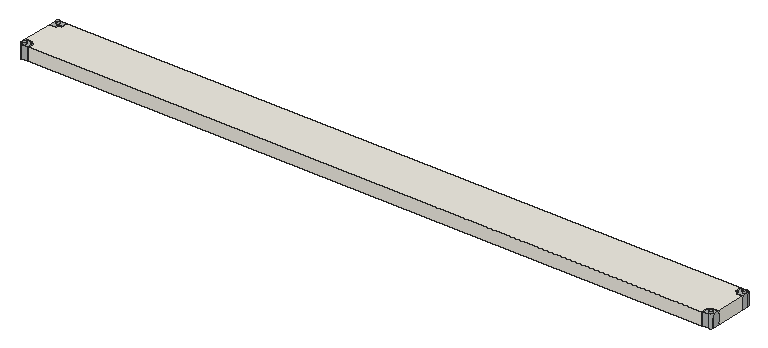
Revit family "HIGHTECH", category Осветительные приборы, Revit 2019 (continued)
Types (32, lengths in mm): name | Файл фотометрической сетки | built-in parameter 1150105 | Lumens | built-in parameter 1150106 | built-in parameter 1150142 | Wattage | Emit from Rectangle Width | Emit from Rectangle Length | Длина | Ширина | ADSK_Ток | ADSK_Полная мощность | ADSK_Обозначение | ADSK_Номинальная мощность | ADSK_Наименование | ADSK_Масса | ADSK_Код изделия
    80 220.519 181.644 \r\n142.474 107.448 74.296 43.216 15.096 0.592 0.592 0.493 0.493 0.493 0.493 0.493 0.493 0.493 0.493 0.395 0.395 0.395 0.395 0.395 0.395 0.395 0.395 0.296 0.296 0.296 0.296 0.296 0.296 0.296 0.296 0.197 \r\n0.197 0.197 0.197 0.197 0.197 0.197 0.197 0.098 0.098 0.098 0.098 0.098 0.098 0.098 0.098 0.000 0.000 0.000 0.000 \r\n1417.637 1417.736 1414.775 1409.743 1402.146 1391.984 1379.355 1363.568 1345.709 1325.482 1303.283 1278.616 1252.272 1224.054 1193.862 1162.091 1128.940 1094.110 \r\n1058.097 1020.801 982.617 943.052 902.994 861.850 820.410 778.082 735.458 692.637 649.027 605.416 561.608 517.504 474.190 430.383 386.772 343.951 301.918 260.775 220.913 181.941 \r\n142.770 107.743 74.592 43.413 15.293 0.592 0.592 0.493 0.493 0.493 0.493 0.493 0.493 0.493 0.493 0.395 0.395 0.395 0.395 0.395 0.395 0.395 0.395 0.296 0.296 0.296 0.296 0.296 0.296 0.296 0.296 0.197 \r\n0.197 0.197 0.197 0.197 0.197 0.197 0.197 0.098 0.098 0.098 0.098 0.098 0.098 0.098 0.098 0.000 0.000 0.000 0.000 \r\n1417.637 1417.736 1414.874 1409.940 1402.344 1392.181 1379.650 1363.962 1346.104 1325.877 1303.776 1279.109 1252.766 1224.547 1194.454 1162.782 1129.531 1094.702 \r\n1058.788 1021.492 983.308 943.742 903.684 862.540 821.100 778.773 736.148 693.327 649.618 606.107 562.298 518.096 474.782 430.974 387.364 344.444 302.412 261.170 221.308 182.335 \r\n143.165 108.040 74.789 43.611 15.490 0.592 0.592 0.493 0.493 0.493 0.493 0.493 0.493 0.493 0.493 0.395 0.395 0.395 0.395 0.395 0.395 0.395 0.395 0.296 0.296 0.296 0.296 0.296 0.296 0.296 0.296 0.197 \r\n0.197 0.197 0.197 0.197 0.197 0.197 0.197 0.098 0.098 0.098 0.098 0.098 0.098 0.098 0.098 0.000 0.000 0.000 0.000 \r\n1417.637 1417.834 1414.973 1410.138 1402.541 1392.477 1379.946 1364.258 1346.499 1326.272 1304.171 1279.603 1253.259 1225.139 1195.045 1163.374 1130.123 1095.393 \r\n1059.478 1022.183 983.999 944.433 904.375 863.231 821.792 779.464 736.840 693.920 650.309 606.699 562.891 518.787 475.374 431.566 387.857 344.937 302.906 261.663 221.703 182.730 \r\n143.461 108.237 75.085 43.906 15.688 0.592 0.592 0.493 0.493 0.493 0.493 0.493 0.493 0.493 0.493 0.395 0.395 0.395 0.395 0.395 0.395 0.395 0.395 0.296 0.296 0.296 0.296 0.296 0.296 0.296 0.296 0.197 \r\n0.197 0.197 0.197 0.197 0.197 0.197 0.197 0.098 0.098 0.098 0.098 0.098 0.098 0.098 0.098 0.000 0.000 0.000 0.000 \r\n1417.637 1417.834 1415.071 1410.237 1402.837 1392.772 1380.243 1364.653 1346.892 1326.765 1304.664 1280.096 1253.752 1225.730 1195.638 1163.965 1130.814 1095.984 \r\n1060.071 1022.873 984.689 945.124 905.066 863.922 822.482 780.154 737.531 694.610 651.000 607.390 563.581 519.379 475.966 432.059 388.350 345.431 303.300 262.058 222.098 183.026 \r\n143.757 108.533 75.282 44.104 15.983 0.592 0.592 0.493 0.493 0.493 0.493 0.493 0.493 0.493 0.493 0.395 0.395 0.395 0.395 0.395 0.395 0.395 0.395 0.296 0.296 0.296 0.296 0.296 0.296 0.296 0.296 0.197 \r\n0.197 0.197 0.197 0.197 0.197 0.197 0.197 0.098 0.098 0.098 0.098 0.098 0.098 0.098 0.098 0.000 0.000 0.000 0.000 \r\n1417.637 1417.932 1415.170 1410.434 1403.034 1393.069 1380.636 1365.048 1347.287 1327.160 1305.157 1280.589 1254.344 1226.225 1196.230 1164.558 1131.406 1096.675 \r\n1060.761 1023.564 985.380 945.815 905.756 864.613 823.173 780.845 738.221 695.301 651.592 608.080 564.174 519.971 476.558 432.652 388.943 345.924 303.794 262.453 222.492 183.420 \r\n144.151 108.829 75.579 44.301 16.181 0.592 0.592 0.493 0.493 0.493 0.493 0.493 0.493 0.493 0.493 0.395 0.395 0.395 0.395 0.395 0.395 0.395 0.395 0.296 0.296 0.296 0.296 0.296 0.296 0.296 0.296 0.197 \r\n0.197 0.197 0.197 0.197 0.197 0.197 0.197 0.098 0.098 0.098 0.098 0.098 0.098 0.098 0.098 0.000 0.000 0.000 0.000 \r\n1417.637 1417.932 1415.268 1410.533 1403.232 1393.365 1380.933 1365.443 1347.682 1327.555 1305.552 1281.082 1254.837 1226.816 1196.821 1165.150 1131.998 1097.267 \r\n1061.452 1024.254 986.070 946.506 906.447 865.401 823.863 781.535 738.912 695.991 652.282 608.672 564.864 520.563 477.150 433.145 389.436 346.417 304.287 262.946 222.887 183.815 \r\n144.448 109.125 75.874 44.597 16.378 0.592 0.592 0.493 0.493 0.493 0.493 0.493 0.493 0.493 0.493 0.395 0.395 0.395 0.395 0.395 0.395 0.395 0.395 0.296 0.296 0.296 0.296 0.296 0.296 0.296 0.296 0.197 \r\n0.197 0.197 0.197 0.197 0.197 0.197 0.197 0.098 0.098 0.098 0.098 0.098 0.098 0.098 0.098 0.000 0.000 0.000 0.000 \r\n1417.637 1418.031 1415.368 1410.730 1403.527 1393.562 1381.229 1365.738 1348.077 1327.949 1306.045 1281.575 1255.331 1227.310 1197.414 1165.841 1132.689 1097.958 \r\n1062.043 1024.846 986.761 947.196 907.137 866.092 824.554 782.226 739.602 696.683 652.973 609.363 565.456 521.155 477.742 433.737 390.028 346.910 304.681 263.341 223.282 184.111 \r\n144.743 109.421 76.072 44.794 16.576 0.592 0.592 0.493 0.493 0.493 0.493 0.493 0.493 0.493 0.493 0.395 0.395 0.395 0.395 0.395 0.395 0.395 0.395 0.296 0.296 0.296 0.296 0.296 0.296 0.296 0.296 0.197 \r\n0.197 0.197 0.197 0.197 0.197 0.197 0.197 0.098 0.098 0.098 0.098 0.098 0.098 0.098 0.098 0.000 0.000 0.000 0.000 \r\n1417.637 1418.031 1415.466 1410.928 1403.725 1393.858 1381.524 1366.133 1348.472 1328.443 1306.440 1282.070 1255.824 1227.901 1198.006 1166.433 1133.280 1098.550 \r\n1062.735 1025.537 987.451 947.887 907.829 866.784 825.244 782.916 740.293 697.373 653.565 610.053 566.147 521.747 478.334 434.328 390.521 347.404 305.175 263.735 223.677 184.506 \r\n145.039 109.717 76.368 44.992 16.871 0.592 0.592 0.493 0.493 0.493 0.493 0.493 0.493 0.493 0.493 0.395 0.395 0.395 0.395 0.395 0.395 0.395 0.395 0.296 0.296 0.296 0.296 0.296 0.296 0.296 0.296 0.197 \r\n0.197 0.197 0.197 0.197 0.197 0.197 0.197 0.098 0.098 0.098 0.098 0.098 0.098 0.098 0.098 0.000 0.000 0.000 0.000 \r\n1417.637 1418.130 1415.565 1411.026 1403.922 1394.154 1381.919 1366.527 1348.866 1328.837 1306.933 1282.563 1256.416 1228.494 1198.597 1167.024 1133.873 1099.241 \r\n1063.425 1026.228 988.143 948.676 908.519 867.474 825.935 783.608 740.983 698.064 654.256 610.646 566.739 522.438 478.926 434.822 391.014 347.897 305.569 264.229 224.072 184.901 \r\n145.434 110.013 76.565 45.288 17.069 0.592 0.592 0.493 0.493 0.493 0.493 0.493 0.493 0.493 0.493 0.395 0.395 0.395 0.395 0.395 0.395 0.395 0.395 0.296 0.296 0.296 0.296 0.296 0.296 0.296 0.296 0.197 \r\n0.197 0.197 0.197 0.197 0.197 0.197 0.197 0.098 0.098 0.098 0.098 0.098 0.098 0.098 0.098 0.000 0.000 0.000 0.000 \r\n1417.637 1418.130 1415.762 1411.223 1404.218 1394.450 1382.216 1366.824 1349.261 1329.231 1307.427 1283.056 1256.910 1228.987 1199.190 1167.616 1134.563 1099.833 \r\n1064.016 1026.918 988.833 949.367 909.308 868.165 826.625 784.298 741.674 698.656 654.946 611.336 567.430 523.030 479.518 435.414 391.606 348.391 306.063 264.623 224.465 185.196 \r\n145.730 110.309 76.861 45.485 17.266 0.592 0.592 0.493 0.493 0.493 0.493 0.493 0.493 0.493 0.493 0.395 0.395 0.395 0.395 0.395 0.395 0.395 0.395 0.296 0.296 0.296 0.296 0.296 0.296 0.296 0.296 0.197 \r\n0.197 0.197 0.197 0.197 0.197 0.197 0.197 0.098 0.098 0.098 0.098 0.098 0.098 0.098 0.098 0.000 0.000 0.000 0.000 \r\n1417.637 1418.229 1415.861 1411.421 1404.415 1394.746 1382.512 1367.219 1349.656 1329.626 1307.821 1283.549 1257.403 1229.579 1199.782 1168.209 1135.155 1100.523 \r\n1064.708 1027.609 989.425 950.057 909.998 868.855 827.317 784.989 742.365 699.347 655.538 611.928 568.021 523.622 480.110 436.006 392.100 348.884 306.556 265.017 224.860 185.591 \r\n146.026 110.605 77.157 45.781 17.464 0.592 0.592 0.493 0.493 0.493 0.493 0.493 0.493 0.493 0.493 0.395 0.395 0.395 0.395 0.395 0.395 0.395 0.395 0.296 0.296 0.296 0.296 0.296 0.296 0.296 0.296 0.197 \r\n0.197 0.197 0.197 0.197 0.197 0.197 0.197 0.098 0.098 0.098 0.098 0.098 0.098 0.098 0.098 0.000 0.000 0.000 0.000 \r\n1417.637 1418.229 1415.960 1411.519 1404.613 1394.943 1382.807 1367.612 1350.051 1330.119 1308.315 1284.043 1257.896 1230.072 1200.275 1168.899 1135.748 1101.116 \r\n1065.398 1028.300 990.115 950.748 910.689 869.644 828.007 785.679 743.056 700.037 656.229 612.619 568.713 524.214 480.702 436.499 392.593 349.377 306.951 265.511 225.255 185.986 \r\n146.421 110.901 77.355 45.978 17.759 0.592 0.592 0.493 0.493 0.493 0.493 0.493 0.493 0.493 0.493 0.395 0.395 0.395 0.395 0.395 0.395 0.395 0.395 0.296 0.296 0.296 0.296 0.296 0.296 0.296 0.296 0.197 \r\n0.197 0.197 0.197 0.197 0.197 0.197 0.197 0.098 0.098 0.098 0.098 0.098 0.098 0.098 0.098 0.000 0.000 0.000 0.000 \r\n1417.637 1418.327 1416.058 1411.716 1404.810 1395.240 1383.202 1367.909 1350.445 1330.514 1308.808 1284.536 1258.488 1230.664 1200.867 1169.491 1136.339 1101.806 \r\n1066.089 1028.991 990.807 951.438 911.381 870.335 828.698 786.370 743.746 700.728 656.920 613.310 569.304 524.806 481.294 437.091 393.185 349.871 307.444 265.905 225.650 186.381 \r\n146.717 111.197 77.650 46.176 17.957 0.592 0.592 0.493 0.493 0.493 0.493 0.493 0.493 0.493 0.493 0.395 0.395 0.395 0.395 0.395 0.395 0.395 0.395 0.296 0.296 0.296 0.296 0.296 0.296 0.296 0.296 0.197 \r\n0.197 0.197 0.197 0.197 0.197 0.197 0.197 0.098 0.098 0.098 0.098 0.098 0.098 0.098 0.098 0.000 0.000 0.000 0.000 \r\n1417.637 1418.327 1416.156 1411.816 1405.106 1395.535 1383.498 1368.304 1350.839 1330.909 1309.203 1285.029 1258.981 1231.256 1201.459 1170.083 1137.030 1102.398 \r\n1066.680 1029.681 991.497 952.129 912.071 871.026 829.388 787.061 744.437 701.418 657.512 613.901 569.995 525.398 481.886 437.585 393.678 350.364 307.938 266.300 226.044 186.676 \r\n147.012 111.493 77.848 46.472 18.154 0.592 0.592 0.493 0.493 0.493 0.493 0.493 0.493 0.493 0.493 0.395 0.395 0.395 0.395 0.395 0.395 0.395 0.395 0.296 0.296 0.296 0.296 0.296 0.296 0.296 0.296 0.197 \r\n0.197 0.197 0.197 0.197 0.197 0.197 0.197 0.098 0.098 0.098 0.098 0.098 0.098 0.098 0.098 0.000 0.000 0.000 0.000 \r\n1417.637 1418.426 1416.255 1412.013 1405.303 1395.831 1383.794 1368.698 1351.234 1331.304 1309.696 1285.522 1259.474 1231.750 1202.051 1170.675 1137.622 1103.089 \r\n1067.372 1030.273 992.188 952.820 912.762 871.716 830.079 787.751 745.127 702.109 658.202 614.593 570.587 526.088 482.478 438.177 394.171 350.857 308.332 266.793 226.439 187.071 \r\n147.309 111.690 78.144 46.670 18.451 0.592 0.592 0.493 0.493 0.493 0.493 0.493 0.493 0.493 0.493 0.395 0.395 0.395 0.395 0.395 0.395 0.395 0.395 0.296 0.296 0.296 0.296 0.296 0.296 0.296 0.296 0.197 \r\n0.197 0.197 0.197 0.197 0.197 0.197 0.197 0.098 0.098 0.098 0.098 0.098 0.098 0.098 0.098 0.000 0.000 0.000 0.000 \r\n1417.637 1418.426 1416.354 1412.211 1405.501 1396.029 1384.090 1369.093 1351.629 1331.797 1310.189 1286.016 1259.968 1232.341 1202.643 1171.366 1138.214 1103.680 \r\n1068.062 1030.964 992.878 953.511 913.452 872.407 830.770 788.442 745.818 702.799 658.893 615.283 571.179 526.680 483.070 438.769 394.763 351.350 308.826 267.188 226.834 187.466 \r\n147.703 111.987 78.440 46.866 18.648 0.592 0.592 0.493 0.493 0.493 0.493 0.493 0.493 0.493 0.493 0.395 0.395 0.395 0.395 0.395 0.395 0.395 0.395 0.296 0.296 0.296 0.296 0.296 0.296 0.296 0.296 0.197 \r\n0.197 0.197 0.197 0.197 0.197 0.197 0.197 0.098 0.098 0.098 0.098 0.098 0.098 0.098 0.098 0.000 0.000 0.000 0.000 \r\n1417.637 1418.525 1416.453 1412.309 1405.796 1396.325 1384.485 1369.388 1352.024 1332.192 1310.584 1286.509 1260.560 1232.835 1203.235 1171.958 1138.905 1104.371 \r\n1068.654 1031.655 993.569 954.202 914.143 873.098 831.460 789.133 746.410 703.392 659.485 615.874 571.870 527.273 483.662 439.262 395.257 351.844 309.319 267.583 227.229 187.762 \r\n148.000 112.282 78.637 47.163 18.845 0.592 0.592 0.493 0.493 0.493 0.493 0.493 0.493 0.493 0.493 0.395 0.395 0.395 0.395 0.395 0.395 0.395 0.395 0.296 0.296 0.296 0.296 0.296 0.296 0.296 0.296 0.197 \r\n0.197 0.197 0.197 0.197 0.197 0.197 0.197 0.098 0.098 0.098 0.098 0.098 0.098 0.098 0.098 0.000 0.000 0.000 0.000 \r\n1417.637 1418.525 1416.551 1412.506 1405.994 1396.621 1384.781 1369.783 1352.419 1332.587 1311.077 1287.003 1261.053 1233.427 1203.827 1172.549 1139.497 1104.963 \r\n1069.345 1032.345 994.260 954.892 914.932 873.887 832.152 789.824 747.101 704.082 660.176 616.565 572.462 527.864 484.254 439.855 395.849 352.337 309.714 268.076 227.722 188.157 \r\n148.295 112.578 78.933 47.360 19.042 0.592 0.592 0.493 0.493 0.493 0.493 0.493 0.493 0.493 0.493 0.395 0.395 0.395 0.395 0.395 0.395 0.395 0.395 0.296 0.296 0.296 0.296 0.296 0.296 0.296 0.296 0.197 \r\n0.197 0.197 0.197 0.197 0.197 0.197 0.197 0.098 0.098 0.098 0.098 0.098 0.098 0.098 0.098 0.000 0.000 0.000 0.000 \r\n1417.637 1418.525 1416.453 1412.309 1405.796 1396.325 1384.485 1369.388 1352.024 1332.192 1310.584 1286.509 1260.560 1232.835 1203.235 1171.958 1138.905 1104.371 \r\n1068.654 1031.655 993.569 954.202 914.143 873.098 831.460 789.133 746.410 703.392 659.485 615.874 571.870 527.273 483.662 439.262 395.257 351.844 309.319 267.583 227.229 187.762 \r\n148.000 112.282 78.637 47.163 18.845 0.592 0.592 0.493 0.493 0.493 0.493 0.493 0.493 0.493 0.493 0.395 0.395 0.395 0.395 0.395 0.395 0.395 0.395 0.296 0.296 0.296 0.296 0.296 0.296 0.296 0.296 0.197 \r\n0.197 0.197 0.197 0.197 0.197 0.197 0.197 0.098 0.098 0.098 0.098 0.098 0.098 0.098 0.098 0.000 0.000 0.000 0.000 \r\n1417.637 1418.426 1416.354 1412.211 1405.501 1396.029 1384.090 1369.093 1351.629 1331.797 1310.189 1286.016 1259.968 1232.341 1202.643 1171.366 1138.214 1103.680 \r\n1068.062 1030.964 992.878 953.511 913.452 872.407 830.770 788.442 745.818 702.799 658.893 615.283 571.179 526.680 483.070 438.769 394.763 351.350 308.826 267.188 226.834 187.466 \r\n147.703 111.987 78.440 46.866 18.648 0.592 0.592 0.493 0.493 0.493 0.493 0.493 0.493 0.493 0.493 0.395 0.395 0.395 0.395 0.395 0.395 0.395 0.395 0.296 0.296 0.296 0.296 0.296 0.296 0.296 0.296 0.197 \r\n0.197 0.197 0.197 0.197 0.197 0.197 0.197 0.098 0.098 0.098 0.098 0.098 0.098 0.098 0.098 0.000 0.000 0.000 0.000 \r\n1417.637 1418.426 1416.255 1412.013 1405.303 1395.831 1383.794 1368.698 1351.234 1331.304 1309.696 1285.522 1259.474 1231.750 1202.051 1170.675 1137.622 1103.089 \r\n1067.372 1030.273 992.188 952.820 912.762 871.716 830.079 787.751 745.127 702.109 658.202 614.593 570.587 526.088 482.478 438.177 394.171 350.857 308.332 266.793 226.439 187.071 \r\n147.309 111.690 78.144 46.670 18.451 0.592 0.592 0.493 0.493 0.493 0.493 0.493 0.493 0.493 0.493 0.395 0.395 0.395 0.395 0.395 0.395 0.395 0.395 0.296 0.296 0.296 0.296 0.296 0.296 0.296 0.296 0.197 \r\n0.197 0.197 0.197 0.197 0.197 0.197 0.197 0.098 0.098 0.098 0.098 0.098 0.098 0.098 0.098 0.000 0.000 0.000 0.000 \r\n1417.637 1418.327 1416.156 1411.816 1405.106 1395.535 1383.498 1368.304 1350.839 1330.909 1309.203 1285.029 1258.981 1231.256 1201.459 1170.083 1137.030 1102.398 \r\n1066.680 1029.681 991.497 952.129 912.071 871.026 829.388 787.061 744.437 701.418 657.512 613.901 569.995 525.398 481.886 437.585 393.678 350.364 307.938 266.300 226.044 186.676 \r\n147.012 111.493 77.848 46.472 18.154 0.592 0.592 0.493 0.493 0.493 0.493 0.493 0.493 0.493 0.493 0.395 0.395 0.395 0.395 0.395 0.395 0.395 0.395 0.296 0.296 0.296 0.296 0.296 0.296 0.296 0.296 0.197 \r\n0.197 0.197 0.197 0.197 0.197 0.197 0.197 0.098 0.098 0.098 0.098 0.098 0.098 0.098 0.098 0.000 0.000 0.000 0.000 \r\n1417.637 1418.327 1416.058 1411.716 1404.810 1395.240 1383.202 1367.909 1350.445 1330.514 1308.808 1284.536 1258.488 1230.664 1200.867 1169.491 1136.339 1101.806 \r\n1066.089 1028.991 990.807 951.438 911.381 870.335 828.698 786.370 743.746 700.728 656.920 613.310 569.304 524.806 481.294 437.091 393.185 349.871 307.444 265.905 225.650 186.381 \r\n146.717 111.197 77.650 46.176 17.957 0.592 0.592 0.493 0.493 0.493 0.493 0.493 0.493 0.493 0.493 0.395 0.395 0.395 0.395 0.395 0.395 0.395 0.395 0.296 0.296 0.296 0.296 0.296 0.296 0.296 0.296 0.197 \r\n0.197 0.197 0.197 0.197 0.197 0.197 0.197 0.098 0.098 0.098 0.098 0.098 0.098 0.098 0.098 0.000 0.000 0.000 0.000 \r\n1417.637 1418.229 1415.960 1411.519 1404.613 1394.943 1382.807 1367.612 1350.051 1330.119 1308.315 1284.043 1257.896 1230.072 1200.275 1168.899 1135.748 1101.116 \r\n1065.398 1028.300 990.115 950.748 910.689 869.644 828.007 785.679 743.056 700.037 656.229 612.619 568.713 524.214 480.702 436.499 392.593 349.377 306.951 265.511 225.255 185.986 \r\n146.421 110.901 77.355 45.978 17.759 0.592 0.592 0.493 0.493 0.493 0.493 0.493 0.493 0.493 0.493 0.395 0.395 0.395 
